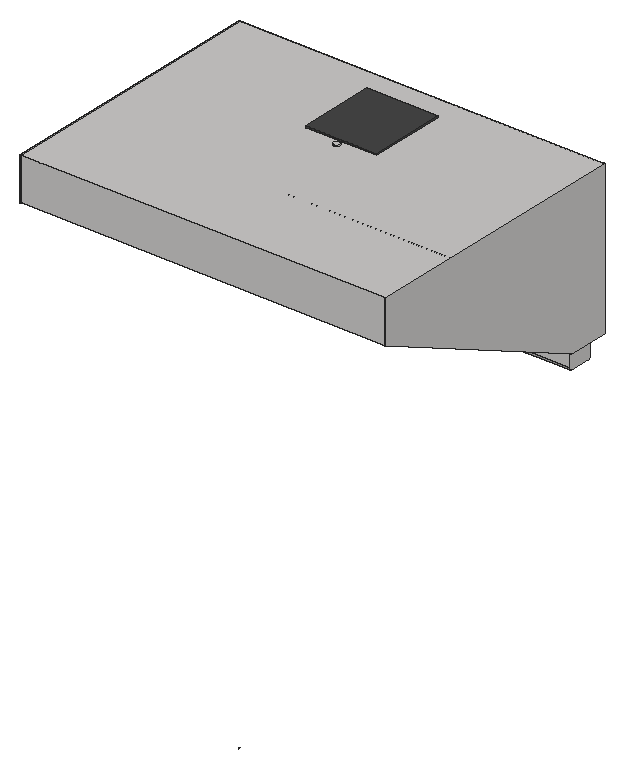
Revit family "QF_ELECTROLUXPROFESSIONAL_644183_AMPV912BT", category Specialty Equipment, Revit 2014
Reference planes
  plane 1: z = 0
  plane 2 "Center (Left/Right)": x = 150
  plane 3 "LEFT": x = -450
  plane 4 "RIGHT": x = 750
  plane 5 "BACK": y = 550
  plane 6 "Plane": z = 2000
  plane 7 "TOP": z = 2140
  plane 8 "Base": z = 1640
  plane 9: z = 1566
  plane 10 "DrainY": y = 485
  plane 11: x = -447
  plane 12: through (0, 414.509, 1640.8) normal (0, 0.7314, 0.682)
  plane 13: y = 470
  plane 14: y = 220
  plane 15 "DrainX": x = 630
  plane 16: x = 33.5
  plane 17: x = 266.5
  plane 18: x = 747
  plane 19: x = 540
  plane 20: x = 720
  plane 21: x = -410
  plane 22: x = 710
  plane 23: x = -47.5
  plane 24: x = 347.5
  plane 25 "FRONT": y = -350
  plane 26 "Center (Front/Back)": y = 100
  plane 27: y = 200
Forms (mm)
  Extrusion 1, solid, material "QF_Finishes_Stainless Steel"
    sketch origin (-450, 0, 0) x (0, 1, 0) y (0, 0, 1)
      loop
        line (550, 1640) -> (550, 2140) -> (-350, 2140) -> (-350, 1998.736) -> (413.973, 1640) -> (550, 1640)
    from 0 to 3
  Extrusion 2, solid, material "QF_Finishes_Stainless Steel"
    sketch origin (150, 0, 0) x (0, 1, 0) y (0, 0, 1)
      loop
        line (415.255, 1640) -> (550, 1640) -> (550, 2139.19) -> (549.2, 2139.19) -> (549.2, 1640.8) -> (415.876, 1640.8) -> (339.347, 1722.867) -> (349.609, 1732.436) -> (348.927, 1733.167) -> (337.934, 1722.917) -> (415.255, 1640)
      loop
        line (-82.203, 2139.19) -> (-82.203, 2118.6) -> (-31.047, 2118.6) -> (34.354, 2048.466) -> (46.028, 2059.352) -> (45.346, 2060.083) -> (34.403, 2049.879) -> (-30.612, 2119.6) -> (-81.203, 2119.6) -> (-81.203, 2139.19) -> (-82.203, 2139.19)
    from -597 to 597
  Extrusion 3, solid, material "QF_Finishes_Stainless Steel"
    sketch origin (750, 0, 0) x (0, 1, 0) y (0, 0, 1)
      loop
        line (550, 1640) -> (550, 2140) -> (-350, 2140) -> (-350, 1998.736) -> (413.973, 1640) -> (550, 1640)
    from 0 to -3
  Extrusion 4, solid, material "QF_Finishes_Stainless Steel"
    sketch origin (150, 0, 0) x (0, 1, 0) y (0, 0, 1)
      loop
        line (-350, 2140) -> (-350, 2000) -> (-349.2, 2000) -> (-349.2, 2139.19) -> (550, 2139.19) -> (550, 2140) -> (-350, 2140)
    from -600 to 600
  Extrusion 5, solid, material "QF_Finishes_Stainless Steel"
    sketch origin (150, 0, 0) x (0, 1, 0) y (0, 0, 1)
      loop
        line (534, 1640) -> (436, 1640) -> (436, 1627) -> (443.5, 1627) -> (443.5, 1576)
        arc (443.5, 1576) -> (446.429, 1568.929) -> (453.5, 1566) r 10
        line (453.5, 1566) -> (516.5, 1566)
        arc (516.5, 1566) -> (523.571, 1568.929) -> (526.5, 1576) r 10
        line (526.5, 1576) -> (526.5, 1627) -> (534, 1627) -> (534, 1640)
    from 390 to 570
  Extrusion 6, solid, material "QF_Finishes_Stainless Steel"
    sketch origin (0, 0, 1640) x (0, 1, 0) y (-1, 0, 0)
      loop
        circle (485, -630) r 20
    from -76 to -74
  Extrusion 7, solid, material "QF_Finished_Chrome"
    sketch origin (150, 0, 0) x (0, 1, 0) y (0, 0, 1)
      loop
        line (337.934, 1722.917) -> (341.591, 1726.327) -> (38.011, 2051.876) -> (34.354, 2048.466) -> (337.934, 1722.917)
    from -197.5 to -560
  Extrusion 8, solid, material "QF_Finishes_Stainless Steel"
    sketch origin (150, 0, 0) x (0, 1, 0) y (0, 0, 1)
      loop
        line (337.934, 1722.917) -> (341.591, 1726.327) -> (38.011, 2051.876) -> (34.354, 2048.466) -> (337.934, 1722.917)
    from 597 to 560
  Extrusion 9, solid, material "QF_Finished_Chrome"
    sketch origin (150, 0, 0) x (0, 1, 0) y (0, 0, 1)
      loop
        line (341.588, 1726.324) -> (38.009, 2051.874) -> (34.354, 2048.466) -> (337.934, 1722.917) -> (341.588, 1726.324)
    from 197.5 to 560
  Extrusion 10, solid, material "QF_Finishes_Black"
    sketch origin (0, 0, 2140) x (0, 1, 0) y (-1, 0, 0)
      loop
        line (470, -266.5) -> (470, -33.5) -> (220, -33.5) -> (220, -266.5) -> (470, -266.5)
    from 5 to 0
  Extrusion 11, solid, material "QF_Finishes_Stainless Steel"
    sketch origin (0, 0, 0) x (1, 0, 0) y (0, 1, 0)
      loop
        line (-450, 550) -> (-450, 549) -> (-449, 549) -> (-449, 550) -> (-450, 550)
    from 0 to 1
  Extrusion 12, solid, material "QF_Finishes_Stainless Steel"
    sketch origin (150, 0, 0) x (0, 1, 0) y (0, 0, 1)
      loop
        line (337.934, 1722.917) -> (341.591, 1726.327) -> (38.011, 2051.876) -> (34.354, 2048.466) -> (337.934, 1722.917)
    from -560 to -597
  Extrusion 13, solid, material "QF_Finishes_Stainless Steel"
    sketch origin (150, 0, 0) x (0, 1, 0) y (0, 0, 1)
      loop
        line (337.934, 1722.917) -> (341.591, 1726.327) -> (38.011, 2051.876) -> (34.354, 2048.466) -> (337.934, 1722.917)
    from 197.5 to -197.5
  Extrusion 14, solid, material "QF_Finishes_Stainless Steel"
    sketch origin (0, 0, 2140) x (0, 1, 0) y (-1, 0, 0)
      loop
        circle (200, -150) r 10
    from 0 to 1.6
Cuts and joins
  joined: Extrusion 2, Extrusion 4
Lines and regions (mm)
  reference lines
    curve 1: line (150, 34.354, 2048.466) -> (150, 34.354, 1888.466)
  symbolic lines, style "SpecialityEquipment", detail levels coarse
    curve 2: line (750, 550, 2140) -> (-450, 550, 2140)
    curve 3: line (-450, 550, 2140) -> (-450, -350, 2140)
    curve 4: line (750, -350, 2140) -> (750, 550, 2140)
    curve 5: line (-450, -350, 2140) -> (750, -350, 2140)
    curve 6: line (266.5, 220, 2140) -> (33.5, 220, 2140)
    curve 7: line (266.5, 470, 2140) -> (266.5, 220, 2140)
    curve 8: line (33.5, 470, 2140) -> (266.5, 470, 2140)
    curve 9: line (33.5, 220, 2140) -> (33.5, 470, 2140)
    curve 10: line (-450, 550, 0) -> (750, -350, 0)
    curve 11: line (750, 550, 0) -> (-450, -350, 0)
Dimensions and locks
  plane 3 "LEFT" to plane 4 "RIGHT" = 1200 mm
  equal spacing: plane 3 "LEFT", plane 2 "Center (Left/Right)", plane 4 "RIGHT"
  locked: plane 6 "Plane" to level at 2000
  plane 7 "TOP" to plane 6 "Plane" = 140 mm
  locked: plane 7 "TOP" to plane 8 "Base" at 500
  plane 8 "Base" to plane 9 = 74 mm
  plane 5 "BACK" to plane 10 "DrainY" = 65 mm  (x2)
  plane 3 "LEFT" to plane 11 = 3 mm
  plane 5 "BACK" to plane 13 = 80 mm
  plane 13 to plane 14 = 250 mm  (x2)
  plane 15 "DrainX" to plane 4 "RIGHT" = 120 mm
  plane 18 to plane 4 "RIGHT" = 3 mm
  locked: plane 19 to plane 15 "DrainX" at 90
  locked: plane 15 "DrainX" to plane 20 at 90
  plane 13 to plane 5 "BACK" = 80 mm
  locked: plane 3 "LEFT" to plane 21 at 40
  locked: plane 22 to plane 4 "RIGHT" at 40
  locked: plane 23 to plane 24 at 395
  equal spacing: plane 23, plane 2 "Center (Left/Right)", plane 24
  locked: plane 16 to plane 17 at 233
  equal spacing: plane 16, plane 2 "Center (Left/Right)", plane 17
  plane 5 "BACK" to plane 25 "FRONT" = 900 mm  (x2)
  equal spacing: plane 5 "BACK", plane 26 "Center (Front/Back)", plane 25 "FRONT"
  plane 14 to plane 27 = 20 mm
  aligned and locked: level to plane 1
  aligned and locked: Extrusion 2 to Extrusion 1
  aligned and locked: Extrusion 2 to Extrusion 3
  aligned and locked: plane 4 "RIGHT" to Extrusion 4
  aligned and locked: Extrusion 4 to plane 3 "LEFT"
  aligned and locked: plane 18 to Extrusion 8
  aligned and locked: Extrusion 10 to plane 16
  aligned and locked: Extrusion 10 to plane 14
  aligned and locked: Extrusion 10 to plane 13
  aligned and locked: Extrusion 2 to Extrusion 4
  aligned and locked: plane 20 to Extrusion 5
  aligned and locked: Extrusion 5 to plane 19
  aligned and locked: Extrusion 8 to plane 22
  aligned and locked: Extrusion 9 to plane 22
  aligned and locked: Extrusion 7 to plane 21
  aligned and locked: Extrusion 12 to plane 11
  aligned and locked: plane 21 to Extrusion 12
  aligned and locked: Extrusion 3 to plane 18
  aligned and locked: Extrusion 10 to plane 17
  aligned and locked: plane 17 to curve 7
  aligned and locked: plane 24 to Extrusion 13
  aligned and locked: Extrusion 13 to plane 23
  aligned and locked: Extrusion 9 to plane 24
Automatic sketch dimensions
  curve 5 to plane 4 "RIGHT" = 0 mm
  curve 6 to plane 14 = 0 mm
  plane 13 to curve 8 = 0 mm
  curve 3 to plane 3 "LEFT" = 0 mm
  curve 3 to plane 5 "BACK" = 0 mm
  curve 6 to plane 16 = 0 mm
  Extrusion 2 sketch curve to plane 12 = 0 mm  (x3)
  Extrusion 2 sketch curve to plane 8 "Base" = 0 mm
  plane 12 to Extrusion 2 sketch curve = 0 mm
  Extrusion 2 sketch curve to plane 5 "BACK" = 0 mm
  Extrusion 2 sketch curve to Extrusion 2 sketch curve = 65.646 mm
  Extrusion 2 sketch curve to Extrusion 2 sketch curve = 0.682 mm  (x2)
  Extrusion 2 sketch curve to Extrusion 2 sketch curve = 10.261 mm
  plane 8 "Base" to Extrusion 2 sketch curve = 82.917 mm
  Extrusion 2 sketch curve to Extrusion 2 sketch curve = 10.942 mm
  Extrusion 2 sketch curve to Extrusion 2 sketch curve = 0.049 mm
  Extrusion 2 sketch curve to plane 7 "TOP" = 20.4 mm
  Extrusion 2 sketch curve to plane 7 "TOP" = 21.4 mm
  Extrusion 2 sketch curve to plane 7 "TOP" = 0.81 mm  (x2)
  Extrusion 2 sketch curve to Extrusion 2 sketch curve = 50.156 mm
  Extrusion 2 sketch curve to Extrusion 2 sketch curve = 1 mm
  plane 8 "Base" to Extrusion 2 sketch curve = 0.8 mm
  Extrusion 2 sketch curve to plane 5 "BACK" = 0.8 mm
  Extrusion 4 sketch curve to plane 6 "Plane" = 0 mm
  Extrusion 4 sketch curve to plane 5 "BACK" = 0 mm
  Extrusion 4 sketch curve to plane 7 "TOP" = 0 mm
  Extrusion 4 sketch curve to plane 7 "TOP" = 0.81 mm
  curve 1 to plane 12 = 0 mm
  curve 1 to plane 6 "Plane" = 111.534 mm
  Extrusion 5 sketch curve to plane 8 "Base" = 0 mm
  Extrusion 5 sketch curve to plane 9 = 0 mm
  Extrusion 5 sketch curve to plane 8 "Base" = 13 mm  (x2)
  plane 13 to Extrusion 5 sketch curve = 34 mm
  Extrusion 5 sketch curve to Extrusion 5 sketch curve = 7.5 mm  (x2)
  Extrusion 5 sketch curve to Extrusion 5 sketch curve = 10 mm
  plane 10 "DrainY" to Extrusion 5 sketch curve = 31.5 mm
  Extrusion 5 sketch curve to plane 5 "BACK" = 23.5 mm
  Extrusion 6 sketch curve to plane 10 "DrainY" = 0 mm
  Extrusion 6 sketch curve to plane 15 "DrainX" = 0 mm
  Extrusion 7 sketch curve to plane 12 = 0 mm  (x2)
  Extrusion 7 sketch curve to Extrusion 7 sketch curve = 3.657 mm
  plane 8 "Base" to Extrusion 7 sketch curve = 82.917 mm
  Extrusion 8 sketch curve to plane 12 = 0 mm  (x2)
  Extrusion 8 sketch curve to Extrusion 8 sketch curve = 3.657 mm
  plane 8 "Base" to Extrusion 8 sketch curve = 82.917 mm
  Extrusion 9 sketch curve to plane 12 = 0 mm  (x2)
  Extrusion 9 sketch curve to Extrusion 9 sketch curve = 3.655 mm
  plane 8 "Base" to Extrusion 9 sketch curve = 82.917 mm
  Extrusion 10 sketch curve to plane 14 = 0 mm
  plane 13 to Extrusion 10 sketch curve = 0 mm
  Extrusion 10 sketch curve to plane 17 = 0 mm
  Extrusion 10 sketch curve to plane 16 = 0 mm
  Extrusion 11 sketch curve to plane 3 "LEFT" = 0 mm
  Extrusion 11 sketch curve to plane 5 "BACK" = 0 mm
  plane 3 "LEFT" to Extrusion 11 sketch curve = 1 mm
  Extrusion 11 sketch curve to Extrusion 11 sketch curve = 1 mm
  Extrusion 12 sketch curve to plane 12 = 0 mm  (x2)
  Extrusion 12 sketch curve to Extrusion 12 sketch curve = 3.657 mm
  plane 8 "Base" to Extrusion 12 sketch curve = 82.917 mm
  Extrusion 13 sketch curve to plane 12 = 0 mm  (x2)
  Extrusion 13 sketch curve to Extrusion 13 sketch curve = 3.657 mm
  plane 8 "Base" to Extrusion 13 sketch curve = 82.917 mm
  Extrusion 4 sketch curve to Extrusion 4 sketch curve = 0.8 mm
  curve 5 to plane 14 = 570 mm
  plane 6 "Plane" to Extrusion 2 sketch curve = 48.466 mm
  Extrusion 4 sketch curve to plane 14 = 569.2 mm
  curve 1 to plane 14 = 185.646 mm
  plane 6 "Plane" to Extrusion 7 sketch curve = 51.876 mm
  plane 6 "Plane" to Extrusion 8 sketch curve = 51.876 mm
  plane 6 "Plane" to Extrusion 9 sketch curve = 51.874 mm
  plane 6 "Plane" to Extrusion 12 sketch curve = 51.876 mm
  plane 6 "Plane" to Extrusion 13 sketch curve = 51.876 mm
  Extrusion 3 sketch curve to plane 7 "TOP" = 0 mm
  Extrusion 3 sketch curve to plane 8 "Base" = 0 mm
  Extrusion 3 sketch curve to plane 5 "BACK" = 0 mm
  Extrusion 3 sketch curve to plane 25 "FRONT" = 0 mm
  plane 13 to Extrusion 3 sketch curve = 56.027 mm
  Extrusion 3 sketch curve to plane 6 "Plane" = 1.264 mm
  Extrusion 1 sketch curve to plane 7 "TOP" = 0 mm
  Extrusion 1 sketch curve to plane 8 "Base" = 0 mm
  Extrusion 1 sketch curve to plane 12 = 0.937 mm
  Extrusion 1 sketch curve to plane 5 "BACK" = 0 mm
  Extrusion 1 sketch curve to plane 25 "FRONT" = 0 mm
  Extrusion 1 sketch curve to plane 6 "Plane" = 1.264 mm
  curve 11 to plane 3 "LEFT" = 0 mm
  curve 10 to plane 3 "LEFT" = 0 mm
  curve 11 to plane 4 "RIGHT" = 0 mm
  curve 10 to plane 4 "RIGHT" = 0 mm
  curve 10 to plane 25 "FRONT" = 0 mm
  curve 11 to plane 25 "FRONT" = 0 mm
  curve 11 to plane 5 "BACK" = 0 mm
  curve 10 to plane 5 "BACK" = 0 mm
  Extrusion 14 sketch curve to plane 2 "Center (Left/Right)" = 0 mm
  Extrusion 14 sketch curve to plane 27 = 0 mm
  radius of Extrusion 6 sketch curve = 20 mm
  radius of Extrusion 14 sketch curve = 10 mm
Connectors
  piping at (630, 485, 1564), diameter 20
    settings: on Extrusion 6, index 1, connector inside diameter 609.6 mm, connector length 0 mm, flow factor 0, pipe flow 0.0 L/s, pressure drop 0.0 Pa, fitting loss kfactor 0, connector angle 0.00°, fixture units 0, engagement length 0 mm, angle of deflection 0.00°, flow configuration 1, flow direction 2, fitting loss method 0, system type 16, joint type 0, gender type 0, connector reference index -1, connector utility 0, adjustable connector no, is connector primary yes, connector description "Drain"
  hvac at (150, 345, 2145)
    settings: on Extrusion 10, index 2, duct flow 0.0 L/s, flow factor 0, pres drop 0.0 Pa, loss coef 0, conn angle 0.00°, conn width 250 mm, conn height 233 mm, conn diameter 609.6 mm, duct sys type 3, conn prof type 1, flow config 0, flow direction 2, loss method 0, conn ref index -1, conn util no, is conn primary yes, conn desc "EXHAUST OUTLET"
  electrical at (150, 200, 2141.6)
    settings: on Extrusion 14, index 3, voltage 0 V, apparent load 0 VA, apparent load phase1 0 VA, apparent load phase2 0 VA, apparent load phase3 0 VA, power factor 1, load classification "Other", number of poles 1, system type 30, power factor state 1, is connector primary yes, connector utility no, sub classification motor no, connector description "Electrical Connection"
